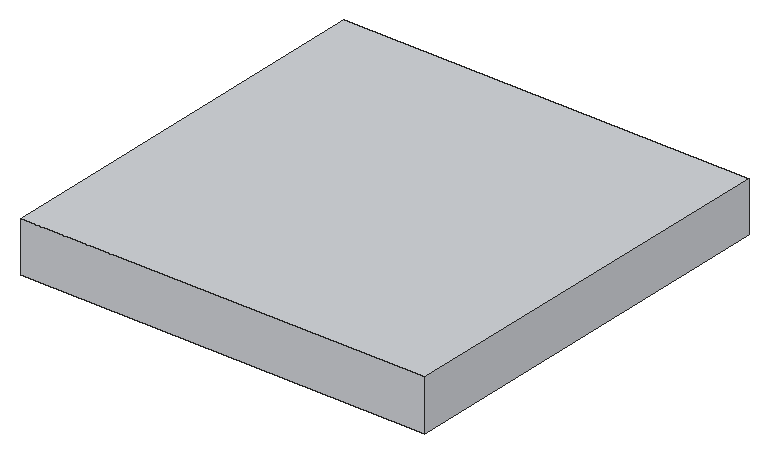
Revit family "Sanitary_Toilet-Accessories_DELABIE_4051P-Wall-mounted-toilet-brush-set-with", category Modèles génériques, Revit 2018
Family settings
  Hôte = Face
  Peut héberger une armature = Non
  Cote de connecteur circulaire = Utiliser le diamètre
  Type d'élément = Normal
  Couper avec des vides une fois chargée = Non
  Partagée = Non
  Point de calcul de pièce = Non
Parameters
  Default Elevation = 1219.2 mm
Reference planes
  plane 1 "Centre (avant/arrière)": y = 0
  plane 2: z = 0
  plane 3 "Centre (gauche/droite)": x = 0
Forms (mm)
  Extrusion 1, solid
    sketch origin (0, 0, 0) x (1, 0, 0) y (0, 1, 0)
      loop
        line (-1219.2, 1219.2) -> (-1219.2, -1219.2) -> (1219.2, -1219.2) -> (1219.2, 1219.2) -> (-1219.2, 1219.2)
    from 0 to -304.8
Dimensions and locks
  aligned and locked: plane 2 to Extrusion 1
  aligned and locked: level to Extrusion 1
Nested families
  nested 1: "Sanitary_Toilet-Accessories_DELABIE_4051P-Wall-mounted-toilet-brush-set-with" at (0, 0, 0), type "Default"
Definition of nested family "Sanitary_Toilet-Accessories_DELABIE_4051P-Wall-mounted-toilet-brush-set-with"
  Parameters (values of type "Default")
    Youtube clip = ""
    Uniformat II Description = ""
    Uniformat II Code = ""
    Uniclass 2015 Name = "Sanitary accessories"
    Uniclass 2015 Code = "Pr_40_20_76"
    Uniclass 2.0 Description = ""
    Uniclass 2.0 Code = ""
    Uniclass 1.4 Description = ""
    Uniclass 1.4 Code = ""
    UNSPSC Code = "301815"
    Technical description = "https://www.delabie.com/products/4051p"
    Region South America = "AR, BO, BR, CL, CO, EC, FK, GF, GY, PE, PY, SR, UY, VE"
    Region Oceania = "AU, FJ, NC, NZ, PG, SB, TL, VU"
    Region North America = "BS, BZ, CA, CR, CU, DO, GL, GT, HN, HT, JM, MX, NI, PA, PR, SV, TT, US"
    Region Middle East = "AE, AF, EG, IL, IQ, IR, JO, KW, LB, OM, PS, QA, SA, SY, TR, YE"
    Region Europe = "AL, AT, BA, BE, BG, BY, CH, CY, CZ, DE, DK, EE, ES, FI, FR, GB, GR, HR, HU, IE, IS, IT, LT, LU, LV, MD, ME, MK, NL, NO, PL, PT, RO, RS, RU, SE, SI, SJ, SK, UA"
    Region Asia = "AM, AZ, BD, BN, BT, CN, GE, ID, IN, JP, KG, KH, KP, KR, KZ, LA, LK, MM, MN, MY, NP, PH, PK, TH, TJ, TM, TW, UZ, VN"
    Region Antarctica = "TF"
    Region Africa = "AO, BF, BI, BJ, BW, CD, CF, CG, CI, CM, DJ, DZ, EH, ER, ET, GA, GH, GM, GN, GQ, GW, KE, LR, LS, LY, MA, MG, ML, MR, MW, MZ, NA, NE, NG, RW, SD, SL, SN, SO, SS, SZ, TD, TG, TN, TZ, UG, ZA, ZM, ZW"
    QR code = "http://bimobject.com/delabie/product/4051P"
    Product url = "https://www.delabie.com/products/4051p"
    Product name = "4051P Wall mounted toilet brush set with lid"
    Product group = "Accessories"
    Product family = "Sanitary"
    Product data url = "https://bimobject.com/delabie/product/4051P"
    Product certification = "https://www.delabie.com/products/4051p"
    Product SKU = "4051P"
    Product Guid = "752e4eb5-f0c2-4059-bc3e-19094422d131"
    OmniClass Description = ""
    OmniClass Code = ""
    NBS Reference Description = ""
    NBS Reference Code = ""
    Material secondary = ""
    Material main = "Stainless steel"
    Masterformat 2014 Description = ""
    Masterformat 2014 Code = ""
    Manufacturer name = "DELABIE"
    Manufacturer country = ""
    Installation instructions = "https://www.delabie.com/products/4051p"
    IFC Classification = "Furnishing Element"
    GTIN code = "https://3456330028837"
    Edition number = 1
    Design country = "France"
    Date of publishing = ""
    COBIe Type Category = ""
    Brand url = "http://www.delabie.com"
    BOS_1_Visibility = yes
    BOS_1_Material = none
    BOS_0_Visibility = yes
    BOS_0_Material = none
    BIMobject main category code = "sanitary"
    BIMobject main category = "Sanitary"
    BIMobject category code = "sanitary-toilet-accessories"
    BIMobject category = "Toilet Accessories"
  Reference planes
    plane 1 "Center (Front/Back)": y = 0
    plane 2: z = 0
    plane 3 "Center (Left/Right)": x = 0
  Dimensions and locks
    aligned and locked: level to plane 2
  Imported bodies without a history: 1
